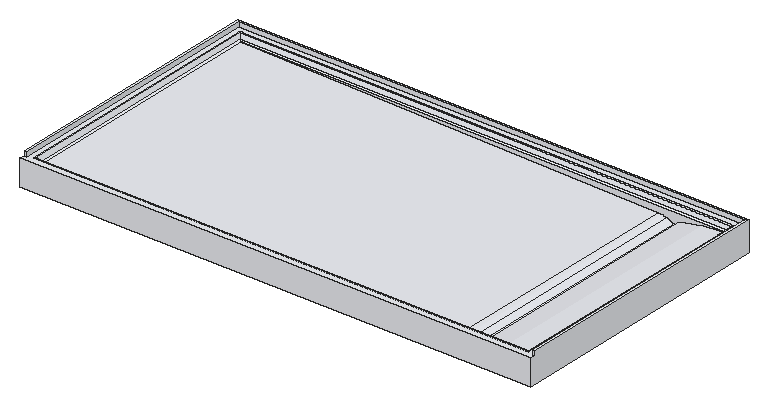
Revit family "Shower_Bases-American_Standard-Townsend-6032SMLHOL-RHOL", category Plumbing Fixtures, Revit 2014
Parameters (values of type "6032SMLHOL")
  Width = 32"  # constant formula
  Weight (kg) = "50.5 Kg. (111 Lbs.)"  # constant formula
  Waste Location = 4"
  Waste Connection Diameter = 3 1/4"  # constant formula
  Waste Connection = yes
  Warranty Information = "Limited Lifetime Warranty"  # constant formula
  WFU = 3
  Vent Connection = no
  URL = "https://www.americanstandard-us.com/"
  L/R = 0.00°
  Drain Line = 5.50476"
  Product Page URL = "https://www.americanstandard-us.com/bathroom/shower-bases/townsend-60-x-32-solid-surface-shower-base-left-drain-33564"
  Product Documentation Link = "https://www.americanstandard-us.com/-/media/sites/asus/files/product-specs/shower-bases/2018/solid-surface-shower-bases/specsheet-6032smlhol-6032smrhol.pdf?la=en"
  Price = "Prices may vary. Please consult Manufacturer Representative for most up-to-date price list."  # constant formula
  Model = "6032SMLHOL"
  Manufacturer = "American Standard"  # constant formula
  Description = "Townsend® 60\" X 32\" Shower Base Solid Surface Left Side Drain"
  Assembly Code = "D2010710"
  Material = "Solid Surface-American Standard-White"
  Length = 60"  # constant formula
  Installation Type = "Floor Mounted"  # constant formula
  HWFU = 1.5
  HW Connection = no
  Finish = Solid Surface-American Standard-White
  Default Elevation = 0"
  Creation Date = "5/11/2018"  # constant formula
  CWFU = 1.5
  CW Connection = no
Types (3): name | Waste Location | L/R | Drain Line | Product Page URL | Model | Description | Assembly Code | CW Connection
  (no name) | 4" | 0.00° | 5.50476" | "https://www.americanstandard-us.com/bathroom/shower-bases/townsend-60-x-32-solid-surface-shower-base-left-drain-33564" | "6032SMLHOL" | "Townsend® 60\" X 32\" Shower Base Solid Surface Left Side Drain" | "D2010710" | no
  6032SMLHOL | 4" | 0.00° | 5.50476" | "https://www.americanstandard-us.com/bathroom/shower-bases/townsend-60-x-32-solid-surface-shower-base-left-drain-33564" | "6032SMLHOL" | "Townsend® 60\" X 32\" Shower Base Solid Surface Left Side Drain" | "D2010710" | no
  6032SMRHOL | 56" | 180.00° | 51.62976" | "https://www.americanstandard-us.com/bathroom/shower-bases/townsend-60-x-32-inch-solid-surface-shower-base-right-drain-33566" | "6032SMRHOL" | "Townsend® 60\" X 32\" Shower Base Solid Surface Right Side Drain" | "D2010430" | yes
Reference planes
  plane 1 "Center (Front/Back)": y = 0
  plane 2: z = 0
  plane 3 "Center (Left/Right)": x = 0
  plane 4: y = -812.8
  plane 5: x = 762
  plane 6: x = -762
  plane 7: y = -406.4
  plane 8: x = 660.4
Forms (mm)
  Sweep 1, solid, material "Solid Surface-American Standard-White" <- "Finish"
    path origin (0, 0, 0) x (1, 0, 0) y (0, 1, 0)
      loop
        line (762, 0) -> (-762, 0) -> (-762, -812.8) -> (762, -812.8) -> (762, 0)
    profile origin (0, 0, 0) x (0, -1, 0) y (0, 0, 1)
      loop
        line (0, 0) -> (36.246, 0) -> (36.246, 58.396)
        arc (36.246, 58.396) -> (33.007, 59.433) -> (30.868, 62.078) r 5.937
        line (30.868, 62.078) -> (25.883, 74.23)
        arc (25.883, 74.23) -> (24.714, 75.662) -> (22.945, 76.2) r 3.175
        line (22.945, 76.2) -> (0, 76.2) -> (0, 0)
  Sweep 2, solid, material "Solid Surface-American Standard-White" <- "Finish"
    path origin (0, 0, 76.2) x (1, 0, 0) y (0, 1, 0)
      loop
        line (762, -796.925) -> (762, 0) -> (-762, 0) -> (-762, -796.925)
    profile origin (0, 0, 76.2) x (0, -1, 0) y (0, 0, 1)
      loop
        line (0, 0) -> (6.35, 0) -> (6.35, 12.7) -> (0, 12.7) -> (0, 0)
  Extrusion 3, solid, material "Solid Surface-American Standard-White" <- "Finish"
    sketch origin (-10.315, -406.4, 0) x (1, 0, 0) y (0, 0, 1)
      loop
        line (-715.439, 0) -> (736.068, 0) -> (736.068, 25.4) -> (588.254, 25.4)
        arc (588.254, 25.4) -> (582.975, 25.901) -> (577.884, 27.388) r 28.039
        line (577.884, 27.388) -> (558.723, 35.015)
        arc (558.723, 35.015) -> (546.173, 38.73) -> (533.159, 40.11) r 71.972
        line (533.159, 40.11) -> (-715.439, 58.396) -> (-715.439, 0)
    from -370.154 to 370.154
  Extrusion 4, solid, material "Solid Surface-American Standard-White" <- "Finish"
    sketch origin (0, -406.4, 0) x (1, 0, 0) y (0, 0, 1)
      loop
        arc (725.754, 58.396) -> (655.074, 53.054) -> (585.788, 38.1) r 517.235
        line (585.788, 38.1) -> (585.788, 35.515)
        arc (585.788, 35.515) -> (655.074, 50.469) -> (725.754, 55.811) r 517.235
        line (725.754, 55.811) -> (725.754, 58.396)
    from -370.154 to 370.154
  Revolve 5, void
    sketch origin (-28.474, -406.4, 51.008) x (1, 0, 0) y (0, 0, 1)
      loop
        line (688.838, -15.215) -> (688.838, -61.909) -> (730.113, -61.909) -> (730.113, -15.215) -> (688.838, -15.215)
      axis (688.838, -61.909) -> (688.838, -15.215)
    angle from 0 to 360
  Revolve 6, solid, not visible
    sketch origin (0, -406.4, 0) x (1, 0, 0) y (0, 0, 1)
      loop
        line (660.4, 0) -> (660.4, -0.794) -> (661.194, -0.794) -> (661.194, 0) -> (660.4, 0)
      axis (660.4, 0) -> (660.4, -1)
    angle from 0 to 360
Cuts and joins
  Revolve 5 cuts Sweep 1
  Revolve 5 cuts Sweep 2
  Revolve 5 cuts Extrusion 3
  Revolve 5 cuts Extrusion 4
  joined: Sweep 1, Sweep 2, Extrusion 3, Extrusion 4
Lines and regions (mm)
  Masking region 1
    outline origin (0, 0, 0) x (1, 0, 0) y (0, 1, 0)
      loop
        line (-762, 0) -> (-762, -812.8) -> (762, -812.8) -> (762, 0) -> (-762, 0)
  reference lines
    curve 1: line (0, -406.4, 0) -> (725.754, -406.4, 0)
  symbolic lines, detail levels fine
    curve 2: line (-762, -796.925, 0) -> (-755.65, -796.925, 0)
    curve 3: line (-755.65, -796.925, 0) -> (-755.65, -6.35, 0)
    curve 4: line (-755.65, -6.35, 0) -> (755.65, -6.35, 0)
    curve 5: line (755.65, -6.35, 0) -> (755.65, -796.925, 0)
    curve 6: line (762, -796.925, 0) -> (755.65, -796.925, 0)
    curve 11: line (-725.754, -776.554, 0) -> (725.608, -776.554, 0)
    curve 12: line (-725.754, -36.246, 0) -> (-725.754, -776.554, 0)
    curve 13: line (725.608, -36.246, 0) -> (-725.754, -36.246, 0)
    curve 14: line (725.608, -776.554, 0) -> (725.608, -36.246, 0)
    curve 15: line (585.787, -776.554, 0) -> (585.787, -36.246, 0)
  symbolic lines, detail levels medium+fine
    curve 7: line (-739.054, -789.854, 0) -> (739.054, -789.854, 0)
    curve 8: line (-739.054, -22.946, 0) -> (-739.054, -789.854, 0)
    curve 9: line (739.054, -22.946, 0) -> (-739.054, -22.946, 0)
    curve 10: line (739.054, -789.854, 0) -> (739.054, -22.946, 0)
Dimensions and locks
  equal spacing: plane 6, plane 3 "Center (Left/Right)", plane 5
  "Length": plane 6 to plane 5
  equal spacing: plane 4, plane 7, plane 1 "Center (Front/Back)"
  Revolve 6 sketch curve to Revolve 6 sketch curve = 1/32"
  "Waste Location": plane 8 to plane 5
  "Drain Line": curve 15 to curve 14
  "Width": plane 4 to plane 1 "Center (Front/Back)"
  "L/R": angle plane 7 to curve 1
  aligned and locked: Sweep 1 sketch curve to plane 4
  aligned and locked: Sweep 2 sketch curve to profile plane
  aligned and locked: profile plane to Sweep 2 sketch curve
  aligned and locked: profile plane to Sweep 1 sketch curve
  aligned and locked: plane 1 "Center (Front/Back)" to Sweep 1 sketch curve
  aligned and locked: Revolve 6 sketch curve to plane 8  (x2)
  aligned and locked: curve 2 to cut or joined group of Sweep 1, Sweep 2, Extrusion 3, Extrusion 4, Revolve 5
  aligned and locked: curve 3 to cut or joined group of Sweep 1, Sweep 2, Extrusion 3, Extrusion 4, Revolve 5
  aligned and locked: curve 4 to cut or joined group of Sweep 1, Sweep 2, Extrusion 3, Extrusion 4, Revolve 5
  aligned and locked: curve 5 to cut or joined group of Sweep 1, Sweep 2, Extrusion 3, Extrusion 4, Revolve 5
  aligned and locked: curve 6 to cut or joined group of Sweep 1, Sweep 2, Extrusion 3, Extrusion 4, Revolve 5
  aligned and locked: Masking region 1 sketch curve to cut or joined group of Sweep 1, Sweep 2, Extrusion 3, Extrusion 4, Revolve 5  (x4)
Automatic sketch dimensions
  plane 1 "Center (Front/Back)" to Sweep 1 sketch curve = 0"
  Sweep 1 sketch curve to plane 6 = 0"
  Sweep 1 sketch curve to plane 5 = 0"
  Sweep 1 sketch curve to profile plane = 0.90335"
  Sweep 1 sketch curve to Sweep 1 sketch curve = 0.11565"
  Sweep 1 sketch curve to Sweep 1 sketch curve = 0.19627"
  Sweep 1 sketch curve to Sweep 1 sketch curve = 0.21176"
  Sweep 1 sketch curve to Sweep 1 sketch curve = 0.00449"
  Sweep 1 sketch curve to Sweep 1 sketch curve = 2.29905"
  Sweep 1 sketch curve to Sweep 1 sketch curve = 0.14498"
  Sweep 1 sketch curve to Sweep 1 sketch curve = 0.43097"
  Sweep 1 sketch curve to Sweep 1 sketch curve = 0.04744"
  plane 1 "Center (Front/Back)" to Sweep 2 sketch curve = 0"
  Sweep 2 sketch curve to plane 6 = 0"
  Sweep 2 sketch curve to plane 5 = 0"
  Sweep 2 sketch curve to plane 4 = 5/8"  (x2)
  Sweep 2 sketch curve to profile plane = 1/4"
  Sweep 2 sketch curve to Sweep 2 sketch curve = 1/2"
  Extrusion 4 sketch curve to curve 1 = 0"
  curve 1 to Extrusion 4 sketch curve = 2.19728"
  curve 1 to Extrusion 4 sketch curve = 2.29905"
  Extrusion 4 sketch curve to curve 1 = 5.51047"
  curve 1 to Extrusion 4 sketch curve = 0.13959"
  Extrusion 4 sketch curve to Extrusion 4 sketch curve = 0"
  Extrusion 4 sketch curve to curve 1 = 1 1/2"
  Extrusion 4 sketch curve to Extrusion 4 sketch curve = 0.10177"
  Revolve 5 sketch curve to curve 1 = 1.40921"
  Revolve 5 sketch curve to curve 1 = 2.57439"
  curve 1 to Revolve 5 sketch curve = 0.42916"
  Revolve 5 sketch curve to curve 1 = 0.94939"
  Revolve 5 sketch curve to Revolve 5 sketch curve = 0"
  Revolve 5 sketch curve to Revolve 5 sketch curve = 1.09266"
  Revolve 5 sketch curve to Revolve 5 sketch curve = 0.17529"
  Extrusion 3 sketch curve to curve 1 = 0"  (x2)
  curve 1 to Extrusion 3 sketch curve = 1"
  Extrusion 3 sketch curve to curve 1 = 5.81946"
  Extrusion 3 sketch curve to curve 1 = 1.07827"
  Extrusion 3 sketch curve to Extrusion 3 sketch curve = 0.40825"
  Extrusion 3 sketch curve to curve 1 = 1.37856"
  Extrusion 3 sketch curve to Extrusion 3 sketch curve = 0.7544"
  Extrusion 3 sketch curve to curve 1 = 1.57915"
  Extrusion 3 sketch curve to Extrusion 3 sketch curve = 1.00644"
  curve 1 to Extrusion 3 sketch curve = 1.25409"
  Extrusion 3 sketch curve to curve 1 = 28.57297"
  Extrusion 3 sketch curve to Extrusion 3 sketch curve = 2.29905"
  curve 2 to plane 6 = 0"
  curve 6 to plane 5 = 0"
  plane 6 to curve 8 = 0.90339"
  curve 8 to curve 12 = 0.52363"
  curve 14 to curve 5 = 1.18274"
  curve 13 to curve 10 = 0.52935"
  curve 2 to curve 8 = 0.27837"
  curve 7 to curve 12 = 0.52365"
  plane 1 "Center (Front/Back)" to curve 14 = 1.42703"
  curve 12 to curve 9 = 0.52365"
  curve 1 to plane 3 "Center (Left/Right)" = 0"
  plane 7 to curve 1 = 0"
  Revolve 6 sketch curve to curve 1 = 0"
  curve 1 to Revolve 6 sketch curve = 1/32"
  Revolve 6 sketch curve to Revolve 6 sketch curve = 0.06758"
  Revolve 6 sketch curve to Revolve 6 sketch curve = 0.10805"
Connectors
  piping at (660.4, -406.4, -0.794), diameter 82.55, driven by "Waste Connection Diameter", driven by "WFU"
    settings: on Revolve 6, index 1, connector inside diameter 24", connector length 0", flow factor 0, pipe flow 0 GPM, pressure drop 0.00 psi, fitting loss kfactor 0, connector angle 0.00°, fixture units 3, engagement length 0", angle of deflection 0.00°, flow configuration 3, flow direction 2, fitting loss method 0, system type 16, joint type 0, gender type 0, connector reference index -1, connector utility 0, adjustable connector no, is connector primary yes, connector description "3 1/4\" Waste Connection Outlet"
